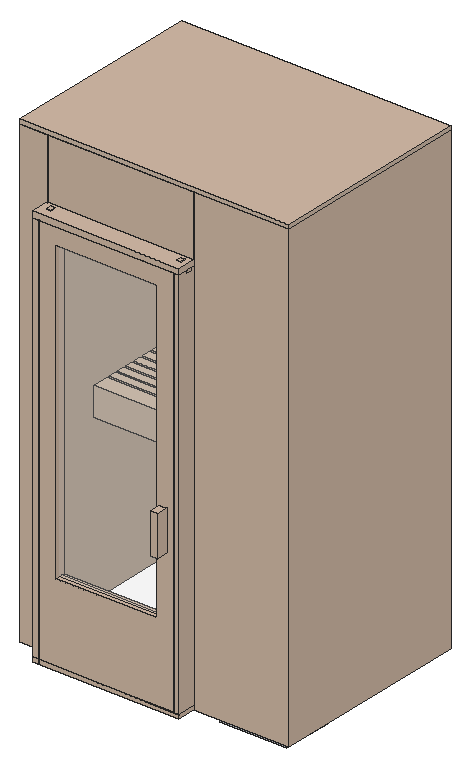
Revit family "Sauna-Room_Precut_Finlandia_FPC-34", category Specialty Equipment, Revit 2026
Family settings
  Round Connector Dimension = Use Diameter
  Part Type = Normal
  Classification Number = 23.40.50.34.37
  Work Plane-Based = Yes
  Enable Cutting in Views = No
  Always vertical = No
  Cut with Voids When Loaded = No
  Maintain Annotation Orientation = No
  Shared = No
  Room Calculation Point = No
Parameters (values of type "Reversed as Specified")
  Warranty Duration (Years) = 0
  Wall Thickness [instance] = 0' - 4"
  Wall Panel Thickness = 0' - 0 11/16"
  Unit Width = 4' - 0"
  Unit Height = 7' - 1"
  Unit Depth = 3' - 0"
  URL = "http://www.finlandiasauna.com/index.html"
  Standard = not(Reversed)  # no
  Specification = "http://www.arcat.com/sdspecs/htm/13052fin.htm"
  SpecWizard = ""
  Send Message = "http://www.arcat.com/users.pl?action=UserEmail&amp;company=Finlandia+Sauna+Products,+Inc.&amp;coid=32492&amp;rep=133&amp;fax=503-684-1120&amp;mf=95"
  Sales Information = "http://www.finlandiasauna.com/sauna-contactus.html"
  Revision = "R1_2014-07"
  Reversed = yes
  Product Properties = ""
  Product Data = "http://www.arcat.com/arcatcos/cos9532/arc32492.html"
  Model = "FPC 34"
  Manufacturer Website = "http://www.finlandiasauna.com/index.html"
  Manufacturer Phone - Toll Free = "800-354-3342"
  Manufacturer Phone = "503-684-8289"
  Manufacturer Fax = "503-684-1120"
  Manufacturer Address = "14010-B S.W. 72nd Ave.  Portland, OR 97224-0088"
  Manufacturer = "Finlandia Sauna Products, Inc."
  Maintenance Schedule (Months) = 0
  Keynote = "13052"
  Interior Finish [instance] = Wood - TnG - Finlandia - Red Cedar as Specified HO
  Installation-Fabrication = ""
  Installation Phase = ""
  Heater Type [instance] = SaunaHeater : Compact JM 1.7 kW
  Green Building-LEED = "http://www.arcat.com/green/clients95/leed_data_32492.html"
  Expected Lifespan (Years) = 0
  Drawn By = "Sumex Design, Inc. / Robert S. Weygant, CSI, CDT, SCIP"
  DoorOffset = if(Reversed, Unit Width - 0' 5" - Door RO Width, 0' 5")  # 1' - 5"
  Door Slab Finish [instance] = Wood - Douglas Fir - Finlandia - Finish as Specified
  Door RO Width = 2' - 2"
  Door RO Height [instance] = 6' - 0"
  Door Glazing Tint [instance] = Glazing - Finlandia - Clear
  Door Frame Finish [instance] = Wood - Douglas Fir - Finlandia - Finish as Specified
  Description = "Finlandia Precut Sauna Room - FPC 34 as Specified"
  Default Elevation = 0' - 0"
  Copyright = "©Arcat Inc."
  Construction Details = "http://www.arcat.com/details/finsauna/95finsauna.html?coid=32492"
  Capacity = "1 Person"
  Bench Slat Material [instance] = Wood - Red Cedar - Finlandia - Finish as Specified
  Assembly Code = "F1010300"
Types (2): name | Standard | Reversed | DoorOffset
  Reversed as Specified | no | yes | 1' - 5"
  Standard as Specified | yes | no | 0' - 5"
Reference planes (in)
  plane 1 "Center (Front/Back)": y = 0
  plane 2 "Bottom": z = 0
  plane 3 "Center (Left/Right)": x = 0
  plane 4 "Front": y = -18
  plane 5 "Back": y = 18
  plane 6 "Left": x = -24
  plane 7 "Right": x = 24
  plane 8 "Top": z = 85
  plane 9: x = -23.3125
  plane 10: x = 23.3125
  plane 11: y = 17.3125
  plane 12: y = -17.3125
  plane 13: z = 1.5
  plane 14: x = -19
  plane 15: x = 7
  plane 16: z = 73.5
Forms (in)
  Extrusion 1, solid, material "Wood - Red Cedar - Finlandia - Finish as Specified"
    sketch origin (-43.59721, -180, 85) x (-1, 0, 0) y (0, -1, 0)
      loop
        line (-20.28471, -162.6875) -> (-20.28471, -197.3125) -> (-66.90971, -197.3125) -> (-66.90971, -162.6875) -> (-50.59721, -162.6875) -> (-50.59721, -162) -> (-67.59721, -162) -> (-67.59721, -198) -> (-19.59721, -198) -> (-19.59721, -162) -> (-24.59721, -162) -> (-24.59721, -162.6875) -> (-20.28471, -162.6875)
    from -83.5 to -0.6875
  Sweep 2, solid, material "Wood - Red Cedar - Finlandia - Finish as Specified" <- "Bench Slat Material"
    path origin (-77.70319, -13.20185, 0) x (-1, 0, 0) y (0, 1, 0)
      loop
        line (-101.01569, 30.51435) -> (-54.39069, 30.51435)
    profile "Bench : Bench" origin (0, 17.3125, 0) x (0, -1, 0) y (0, 0, 1)
      loop
        line (0, 31.5) -> (18.5, 31.5) -> (18.5, 31) -> (20, 31) -> (20, 36) -> (17, 36) -> (17, 34.5) -> (16.625, 34.5) -> (16.625, 36) -> (15.125, 36) -> (15.125, 34.5) -> (14.75, 34.5) -> (14.75, 36) -> (13.25, 36) -> (13.25, 34.5) -> (12.875, 34.5) -> (12.875, 36) -> (11.375, 36) -> (11.375, 34.5) -> (11, 34.5) -> (11, 36) -> (9.5, 36) -> (9.5, 34.5) -> (9.125, 34.5) -> (9.125, 36) -> (7.625, 36) -> (7.625, 34.5) -> (7.25, 34.5) -> (7.25, 36) -> (5.75, 36) -> (5.75, 34.5) -> (5.375, 34.5) -> (5.375, 36) -> (3.875, 36) -> (3.875, 34.5) -> (3.5, 34.5) -> (3.5, 36) -> (2, 36) -> (2, 34.5) -> (1.625, 34.5) -> (1.625, 36) -> (0, 36) -> (0, 31.5)
  Extrusion 3, solid, material "Wood - Red Cedar - Finlandia - Finish as Specified"
    sketch origin (-43.59721, -180, 85) x (-1, 0, 0) y (0, -1, 0)
      loop
        line (-24.59721, -162.6875) -> (-24.59721, -162) -> (-50.59721, -162) -> (-50.59721, -162.6875) -> (-24.59721, -162.6875)
    from -0.6875 to -11.5
  Extrusion 4, solid, material "Wood - TnG - Finlandia - Red Cedar as Specified HO" <- "Interior Finish"
    sketch origin (-43.59721, -180, 85) x (-1, 0, 0) y (0, -1, 0)
      loop
        line (-19.59721, -198) -> (-19.59721, -162) -> (-67.59721, -162) -> (-67.59721, -198) -> (-19.59721, -198)
    from 0 to -0.6875
Dimensions and locks (in)
  equal spacing: plane 6 "Left", plane 3 "Center (Left/Right)", plane 7 "Right"
  "Unit Width": plane 6 "Left" to plane 7 "Right"
  equal spacing: plane 5 "Back", plane 1 "Center (Front/Back)", plane 4 "Front"
  "Unit Depth": plane 5 "Back" to plane 4 "Front"
  "Unit Height": plane 8 "Top" to level
  "Wall Panel Thickness": plane 5 "Back" to plane 11
  "Wall Panel Thickness": plane 12 to plane 4 "Front"
  "Wall Panel Thickness": plane 6 "Left" to plane 9
  "Wall Panel Thickness": plane 10 to plane 7 "Right"
  locked: plane 13 to level at 1.5
  "Door RO Width": plane 14 to plane 15
  "DoorOffset": plane 15 to plane 7 "Right"
  locked: plane 11 to Sweep 2 sketch curve at 0
  plane 9 to Sweep 2 sketch curve = 0' - 0"
  Sweep 2 sketch curve to plane 10 = 0' - 0"
  "Door RO Height": plane 16 to plane 13
  locked: nested 2 to plane 12 at 1
  locked: plane 9 to nested 2 at 1
  locked: nested 3 to plane 10 at 1
  locked: nested 3 to plane 12 at 1
  aligned and locked: Extrusion 1 sketch curve to plane 9
  aligned and locked: Extrusion 1 sketch curve to plane 11
  aligned and locked: plane 10 to Extrusion 1 sketch curve
  aligned and locked: Extrusion 1 sketch curve to plane 12
  aligned and locked: Extrusion 1 to plane 13
  aligned and locked: Extrusion 1 sketch curve to plane 4 "Front"
  aligned and locked: Extrusion 1 sketch curve to plane 7 "Right"
  aligned and locked: Extrusion 1 sketch curve to plane 5 "Back"
  aligned and locked: plane 6 "Left" to Extrusion 1 sketch curve
  aligned: plane 8 "Top" to Extrusion 1
  aligned and locked: nested 1 to plane 14
  aligned and locked: nested 1 to plane 12
  aligned and locked: Extrusion 1 sketch curve to plane 14
  aligned and locked: Extrusion 1 sketch curve to plane 15
  aligned and locked: Extrusion 3 sketch curve to plane 12
  aligned and locked: plane 4 "Front" to Extrusion 3 sketch curve
  aligned and locked: plane 14 to Extrusion 3 sketch curve
  aligned and locked: Extrusion 3 sketch curve to plane 15
  aligned and locked: Extrusion 3 to plane 16
  aligned and locked: Extrusion 4 sketch curve to plane 7 "Right"
  aligned and locked: plane 6 "Left" to Extrusion 4 sketch curve
  aligned and locked: Extrusion 4 sketch curve to plane 5 "Back"
  aligned and locked: Extrusion 4 sketch curve to plane 4 "Front"
Automatic sketch dimensions
  plane 12 to Extrusion 1 sketch curve = 0' - 0"
  Extrusion 1 sketch curve to plane 4 "Front" = 0' - 0"
Nested families (in)
  nested 1: "Door" at (-6, -19.3125, 1.5), Swing Right <- "Standard", Swing Left <- "Reversed", frame finish <- "Door Frame Finish", glazing <- "Door Glazing Tint", door finish <- "Door Slab Finish", Wall Thickness <- "Wall Thickness", Rough Width <- "Door RO Width", Rough Height <- "Door RO Height", type "Standard"
    with glazing Glazing - Finlandia - Clear, frame finish Wood - Douglas Fir - Finlandia - Finish as Specified, door finish Wood - Douglas Fir - Finlandia - Finish as Specified, built-in parameter 1001301 2' - 0", Wall Thickness 0' - 4", Swing Right no, Swing Left yes, built-in parameter 1001305 2' - 2", built-in parameter 1001304 6' - 0"
  nested 2: "SaunaHeater" at (-16.3125, -11.8125, 0), visible <- "Standard", type <- "Heater Type", type "Compact JM 1.7 kW"
    with Width 1' - 0", Height 2' - 1", Depth 0' - 9"
  nested 3: "SaunaHeater" at (16.3125, -11.8125, 0) x (-1, 0, 0) z (0, 0, 1), visible <- "Reversed", type <- "Heater Type", type "Compact JM 1.7 kW"
    with Width 1' - 0", Height 2' - 1", Depth 0' - 9"
Connectors (in)
  electrical at (0, 0, 85)
    settings: on Extrusion 4, index 1, voltage 0 V, apparent load 0 VA, apparent load phase1 0 VA, apparent load phase2 0 VA, apparent load phase3 0 VA, power factor 1, load classification "Other", number of poles 1, system type 31, power factor state 1, is connector primary yes, connector utility no, sub classification motor no, connector description ""
Definition of nested family "Door"
  Parameters
    frame finish [instance] = none
    glazing [instance] = none
    door finish [instance] = none
    Width [instance] = Rough Width - 0' 2"  # 2' - 0"
    Wall Thickness [instance] = 1' - 2"
    Swing Right [instance] = yes
    Swing Left [instance] = yes
    Rough Width [instance] = 2' - 2"
    Rough Height [instance] = 4' - 11.36872"
    Default Elevation = 4' - 0"
    Assembly Code = ""
  Reference planes (in)
    plane 1 "Center (Front/Back)": y = 0
    plane 2: z = 0
    plane 3 "Center (Left/Right)": x = 0
    plane 4: x = -13
    plane 5: x = 13
    plane 6: y = 7
    plane 7: y = -7
    plane 8: z = 59.36872
    plane 9: x = -13.75
    plane 10: x = 13.75
    plane 11: y = -31
  Forms (in)
    Extrusion 1, solid, material <- "frame finish"
      sketch origin (-22.33749, -180, 59.36872) x (-1, 0, 0) y (0, -1, 0)
        loop
          line (-9.33749, -187) -> (-9.33749, -173) -> (-10.33749, -173) -> (-10.33749, -187.5) -> (-8.58749, -187.5) -> (-8.58749, -187) -> (-9.33749, -187)
        loop
          line (-35.33749, -187) -> (-36.08749, -187) -> (-36.08749, -187.5) -> (-34.33749, -187.5) -> (-34.33749, -173) -> (-35.33749, -173) -> (-35.33749, -187)
      from -59.36872 to -1
    Extrusion 2, solid, material <- "frame finish"
      sketch origin (0, 0, 0) x (0, 1, 0) y (0, 0, 1)
        loop
          line (7, 58.36872) -> (7, 58.86872) -> (7.5, 58.86872) -> (7.5, 60.11872) -> (7, 60.11872) -> (7, 59.36872) -> (-7, 59.36872) -> (-7, 58.36872) -> (7, 58.36872)
      from -13 to 13
    Extrusion 3, solid, material <- "frame finish"
      sketch origin (0, 0, 0) x (1, 0, 0) y (0, 1, 0)
        loop
          line (-12, -5.25) -> (-11.25, -5.25) -> (-11.25, -4.375) -> (-12, -4.375) -> (-12, -5.25)
        loop
          line (12, -5.25) -> (12, -4.375) -> (11.25, -4.375) -> (11.25, -5.25) -> (12, -5.25)
      from 0 to 59.36872
    Extrusion 4, solid, material <- "frame finish"
      sketch origin (0, 0, 0) x (0, 1, 0) y (0, 0, 1)
        loop
          line (-5.25, 58.36872) -> (-5.25, 57.86872) -> (-4.375, 57.86872) -> (-4.375, 58.36872) -> (-5.25, 58.36872)
      from -13 to 13
    Extrusion 5, solid, material <- "door finish"
      sketch origin (-22.31101, -7, 48) x (-1, 0, 0) y (0, 0, 1)
        loop
          line (-34.31101, -47.25) -> (-10.31101, -47.25) -> (-10.31101, 10.36872) -> (-34.31101, 10.36872) -> (-34.31101, -47.25)
        loop
          line (-13.31101, 7.36872) -> (-31.31101, 7.36872) -> (-31.31101, -33.25) -> (-13.31101, -33.25) -> (-13.31101, 7.36872)
      from 0 to 1.75
    Extrusion 6, solid, material <- "frame finish"
      sketch origin (0, 0, 0) x (0, 1, 0) y (0, 0, 1)
        loop
          line (-7, 0.75) -> (-7, 0) -> (7, 0) -> (7, 0.75) -> (-7, 0.75)
      from -13 to 13
    Extrusion 7, solid, material <- "glazing"
      sketch origin (-22.31101, -7, 48) x (-1, 0, 0) y (0, 0, 1)
        loop
          line (-13.31101, 7.36872) -> (-31.31101, 7.36872) -> (-31.31101, -33.25) -> (-13.31101, -33.25) -> (-13.31101, 7.36872)
      from 1.125 to 0.625
    Extrusion 8, solid, material <- "door finish", visible <- "Swing Right"
      sketch origin (-22.31101, -7, 48) x (-1, 0, 0) y (0, 0, 1)
        loop
          line (-11.5611, -15.059) -> (-12.8111, -15.059) -> (-12.8111, -22.309) -> (-11.5611, -22.309) -> (-11.5611, -15.059)
      from 0 to -2
    Extrusion 9, solid, material <- "door finish", visible <- "Swing Left"
      sketch origin (-22.31101, -7, 48) x (-1, 0, 0) y (0, 0, 1)
        loop
          line (-33.06091, -15.059) -> (-33.06091, -22.309) -> (-31.81091, -22.309) -> (-31.81091, -15.059) -> (-33.06091, -15.059)
      from 0 to -2
    Extrusion 10, solid, material <- "frame finish"
      sketch origin (-22.31101, 7, 48) x (-1, 0, 0) y (0, 0, 1)
        loop
          line (-9.31101, 12.11872) -> (-9.31101, 10.36872) -> (-8.56101, 10.36872) -> (-8.56101, 12.11872) -> (-9.31101, 12.11872)
        loop
          line (-35.31101, 12.11872) -> (-36.06101, 12.11872) -> (-36.06101, 10.36872) -> (-35.31101, 10.36872) -> (-35.31101, 12.11872)
      from 0 to 0.5
  Cuts and joins
    joined: Extrusion 1, Extrusion 10
  Lines and regions (in)
    symbolic lines, visible <- "Swing Right"
      curve 1: line (12, -7, 0) -> (12, -31, 0)
      curve 2: arc (12, -31, 0) -> (-4.97056, -23.97056, 0) -> (-12, -7, 0) r 24
    symbolic lines, visible <- "Swing Left"
      curve 3: arc (-12, -31, 0) -> (4.97056, -23.97056, 0) -> (12, -7, 0) r 24
      curve 4: line (-12, -31, 0) -> (-12, -7, 0)
  Dimensions and locks (in)
    equal spacing: plane 6, plane 1 "Center (Front/Back)", plane 7
    "Wall Thickness": plane 6 to plane 7
    equal spacing: plane 4, plane 3 "Center (Left/Right)", plane 5
    "Rough Width": plane 4 to plane 5
    "Rough Height": plane 8 to level
    Extrusion 1 sketch curve to plane 4 to Extrusion 1 sketch curve = 0' - 0 3/4" locked, 0' - 1" locked
    locked: Extrusion 1 sketch curve to plane 6 at 0.5  (x2)
    Extrusion 1 sketch curve to plane 5 to Extrusion 1 sketch curve = 0' - 1" locked, 0' - 0 3/4" locked
    locked: plane 6 to Extrusion 2 sketch curve at 0.5
    Extrusion 2 sketch curve to plane 8 to Extrusion 2 sketch curve to Extrusion 2 sketch curve = 0' - 0 3/4" locked, 0' - 0 1/2" locked, 0' - 0 1/2" locked
    Extrusion 3 sketch curve to Extrusion 3 sketch curve to plane 7 = 0' - 0 7/8" locked, 0' - 1 3/4" locked
    locked: Extrusion 3 sketch curve to Extrusion 3 sketch curve at 0.875
    locked: Extrusion 3 sketch curve to plane 7 at 1.75
    Extrusion 3 sketch curve to Extrusion 3 sketch curve to plane 5 = 0' - 0 3/4" locked, 0' - 1" locked
    plane 4 to Extrusion 3 sketch curve to Extrusion 3 sketch curve = 0' - 1" locked, 0' - 0 3/4" locked
    plane 7 to Extrusion 4 sketch curve to Extrusion 4 sketch curve = 0' - 1 3/4" locked, 0' - 0 7/8" locked
    plane 8 to Extrusion 4 sketch curve to Extrusion 4 sketch curve = 0' - 1" locked, 0' - 0 1/2" locked
    locked: plane 4 to plane 9 at 0.75
    locked: plane 10 to plane 5 at 0.75
    locked: Extrusion 5 sketch curve to plane 4 at 1
    locked: plane 5 to Extrusion 5 sketch curve at 1
    locked: plane 8 to Extrusion 5 sketch curve at 1
    locked: Extrusion 5 sketch curve to level at 0.75
    locked: Extrusion 6 sketch curve to level at 0.75
    locked: Extrusion 5 sketch curve to Extrusion 5 sketch curve at 3  (x3)
    locked: Extrusion 5 sketch curve to level at 14.75
    locked: Extrusion 7 sketch curve to level at 14.75
    locked: plane 8 to Extrusion 7 sketch curve at 4
    locked: Extrusion 7 sketch curve to plane 4 at 4
    locked: plane 5 to Extrusion 7 sketch curve at 4
    "Width": plane 7 to plane 11
    Extrusion 8 sketch curve to Extrusion 8 sketch curve to level = 0' - 7 1/4" locked, 2' - 1.691" locked
    locked: Extrusion 9 sketch curve to Extrusion 9 sketch curve at 7.25
    plane 5 to Extrusion 9 sketch curve to Extrusion 9 sketch curve = 0' - 2.25009" locked, 0' - 1 1/4" locked
    locked: Extrusion 9 sketch curve to level at 25.691
    Extrusion 8 sketch curve to Extrusion 8 sketch curve to plane 4 = 0' - 1 1/4" locked, 0' - 2.25009" locked
    aligned and locked: plane 2 to level
    aligned and locked: Extrusion 1 sketch curve to plane 4
    aligned and locked: plane 6 to Extrusion 1 sketch curve
    aligned and locked: Extrusion 1 sketch curve to plane 5
    aligned and locked: Extrusion 1 sketch curve to plane 6
    aligned: plane 8 to Extrusion 1
    aligned and locked: plane 8 to Extrusion 2 sketch curve
    aligned and locked: Extrusion 2 sketch curve to plane 6
    aligned and locked: plane 6 to Extrusion 2 sketch curve
    aligned and locked: plane 8 to Extrusion 3
    aligned and locked: plane 5 to Extrusion 4
    aligned and locked: Extrusion 4 to plane 4
    aligned: plane 9 to Extrusion 2
    aligned: Extrusion 2 to plane 10
    aligned and locked: Extrusion 6 sketch curve to plane 7
    aligned and locked: plane 6 to Extrusion 6 sketch curve
    aligned and locked: Extrusion 6 sketch curve to level
    aligned and locked: plane 5 to Extrusion 6
    aligned and locked: Extrusion 6 to plane 4
    aligned and locked: Extrusion 1 to level
    aligned and locked: plane 5 to Extrusion 2
    aligned and locked: Extrusion 2 to plane 4
  Automatic sketch dimensions
    curve 3 to plane 7 = 0' - 0"
    curve 4 to plane 11 = 0' - 0"
    curve 4 to plane 7 = 0' - 0"
    plane 4 to curve 3 = 0' - 1"
    Extrusion 1 sketch curve to plane 7 = 0' - 0"  (x2)
    Extrusion 2 sketch curve to plane 7 = 0' - 0"
    plane 10 to Extrusion 10 sketch curve = 0' - 0"
    Extrusion 10 sketch curve to plane 5 = 0' - 0"
    Extrusion 10 sketch curve to plane 4 = 0' - 0"
    plane 9 to Extrusion 10 sketch curve = 0' - 0"
    Extrusion 10 sketch curve to plane 8 = 0' - 1"  (x2)
    plane 8 to Extrusion 10 sketch curve = 0' - 0 3/4"  (x2)
Definition of nested family "SaunaHeater"
  Parameters
    Width = 1' - 8 1/8"
    Height = 2' - 8"
    Depth = 1' - 8 1/8"
    Default Elevation = 0' - 0"
  Reference planes (in)
    plane 1 "Center (Front/Back)": y = 0
    plane 2: z = 0
    plane 3 "Center (Left/Right)": x = 0
    plane 4: x = -10.0625
    plane 5: x = 10.0625
    plane 6: y = 10.0625
    plane 7: y = -10.0625
    plane 8: z = 32
  Forms (in)
    Extrusion 1, solid
      sketch origin (0, 0, 0) x (1, 0, 0) y (0, 1, 0)
        loop
          line (-10.0625, 10.0625) -> (-10.0625, -10.0625) -> (10.0625, -10.0625) -> (10.0625, 10.0625) -> (-10.0625, 10.0625)
      from 0 to 32
  Dimensions and locks (in)
    equal spacing: plane 4, plane 3 "Center (Left/Right)", plane 5
    equal spacing: plane 6, plane 1 "Center (Front/Back)", plane 7
    "Depth": plane 6 to plane 7
    "Width": plane 4 to plane 5
    "Height": plane 8 to level
    aligned and locked: level to plane 2
    aligned and locked: Extrusion 1 sketch curve to plane 6
    aligned and locked: plane 4 to Extrusion 1 sketch curve
    aligned and locked: plane 7 to Extrusion 1 sketch curve
    aligned and locked: Extrusion 1 sketch curve to plane 5
    aligned and locked: plane 8 to Extrusion 1
